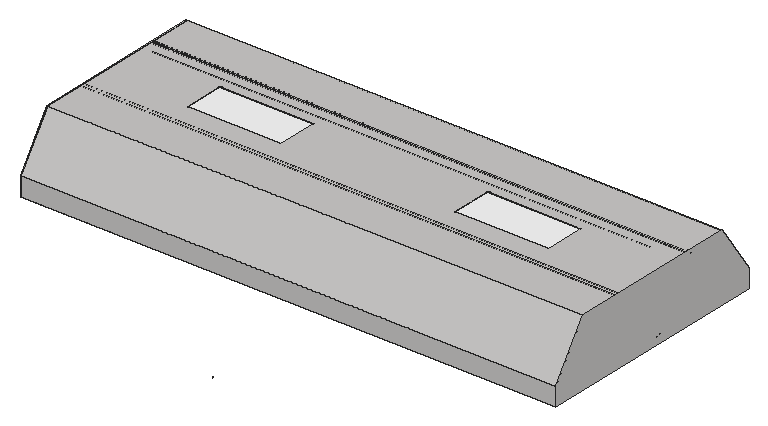
Revit family "QF_ELECTROLUXPROFESSIONAL_642363_BC1840DT", category Specialty Equipment, Revit 2014
Reference planes
  plane 1: z = 0
  plane 2 "Center (Left/Right)": x = 150
  plane 3 "LEFT": x = -1850
  plane 4 "RIGHT": x = 2150
  plane 5 "BACK": y = 550
  plane 6 "TOP": z = 2500
  plane 7 "Base": z = 2000
  plane 8: z = 1946
  plane 9: x = -1847
  plane 10 "DrainX": x = 1999
  plane 11 "AOLeft2": x = -500
  plane 12 "AORight1": x = 800
  plane 13: x = 2147
  plane 14: x = -1650
  plane 15: x = 1950
  plane 16: x = 50
  plane 17: x = 250
  plane 18 "AOLeft1": x = -1200
  plane 19 "AORight2": x = 1500
  plane 20: y = -200
  plane 21: y = -500
  plane 22 "Center (Front/Back)": y = -350
  plane 23: y = -1250
  plane 24: through (0, -401.379, 2046.209) normal (0, 0.8019, 0.5974)
  plane 25: through (0, -298.621, 2046.209) normal (0, 0.8019, -0.5974)
  plane 26: z = 2140
Forms (mm)
  Extrusion 1, solid, material "QF_Finishes_Stainless Steel"
    sketch origin (-1850, 0, 360) x (0, 1, 0) y (0, 0, 1)
      loop
        line (550, 1640) -> (550, 1780) -> (299.446, 2140) -> (-999.446, 2140) -> (-1250, 1780) -> (-1250, 1640) -> (550, 1640)
    from 0 to 3
  Extrusion 2, solid, material "QF_Finishes_Stainless Steel"
    sketch origin (2150, 0, 360) x (0, 1, 0) y (0, 0, 1)
      loop
        line (550, 1640) -> (550, 1780) -> (299.446, 2140) -> (-999.446, 2140) -> (-1250, 1780) -> (-1250, 1640) -> (550, 1640)
    from 0 to -3
  Extrusion 3, solid, material "QF_Finishes_Stainless Steel"
    sketch origin (150, 0, 360) x (0, 1, 0) y (0, 0, 1)
      loop
        line (-999.446, 2140) -> (-1250, 1780) -> (-1250, 1640) -> (-1240, 1640) -> (-1240, 1640.8) -> (-1249.2, 1640.8) -> (-1249.2, 1779.739) -> (-999.025, 2139.19) -> (299.025, 2139.19) -> (549.2, 1779.739) -> (549.2, 1640.8) -> (540, 1640.8) -> (540, 1640) -> (550, 1640) -> (550, 1780) -> (299.446, 2140) -> (-999.446, 2140)
    from -2000 to 2000
  Extrusion 4, void
    sketch origin (0, 0, 2500) x (0, 1, 0) y (-1, 0, 0)
      loop
        line (-200, 500) -> (-200, 1200) -> (-500, 1200) -> (-500, 500) -> (-200, 500)
    from 0 to -10
  Extrusion 5, solid, material "QF_Finishes_Stainless Steel"
    sketch origin (0, 0, 0) x (1, 0, 0) y (0, 1, 0)
      loop
        line (-1850, 550) -> (-1850, 549) -> (-1849, 549) -> (-1849, 550) -> (-1850, 550)
    from 0 to 1
  Extrusion 6, solid, material "QF_Finishes_Stainless Steel"
    sketch origin (150, -400, 360) x (0, 1, 0) y (0, 0, 1)
      loop
        line (-298.883, 2085.553) -> (-1.379, 1686.209) -> (14.66, 1698.157) -> (-282.844, 2097.501) -> (-298.883, 2085.553)
      loop
        line (398.883, 2085.553) -> (382.844, 2097.501) -> (85.34, 1698.157) -> (101.379, 1686.209) -> (398.883, 2085.553)
    from -1800 to -1997
  Extrusion 7, solid, material "QF_Finishes_Stainless Steel"
    sketch origin (150, -400, 360) x (0, 1, 0) y (0, 0, 1)
      loop
        arc (116.056, 1704.554) -> (115.455, 1704.706) -> (114.923, 1704.389) r 0.81
        line (114.923, 1704.389) -> (100.465, 1684.991) -> (83.389, 1687.002) -> (86.391, 1712.615) -> (85.593, 1712.708) -> (82.594, 1687.095)
        arc (82.594, 1687.095) -> (82.763, 1686.499) -> (83.305, 1686.197) r 0.81
        line (83.305, 1686.197) -> (100.372, 1684.196)
        arc (100.372, 1684.196) -> (100.787, 1684.257) -> (101.116, 1684.517) r 0.81
        line (101.116, 1684.517) -> (115.564, 1703.911) -> (126.308, 1695.919) -> (100.145, 1660.79) -> (-0.145, 1660.79) -> (-26.308, 1695.919) -> (-15.564, 1703.911) -> (-1.116, 1684.517)
        arc (-1.116, 1684.517) -> (-0.787, 1684.257) -> (-0.372, 1684.196) r 0.81
        line (-0.372, 1684.196) -> (16.695, 1686.197)
        arc (16.695, 1686.197) -> (17.237, 1686.499) -> (17.406, 1687.095) r 0.81
        line (17.406, 1687.095) -> (14.407, 1712.708) -> (13.609, 1712.615) -> (16.611, 1687.002) -> (-0.465, 1684.991) -> (-14.923, 1704.389)
        arc (-14.923, 1704.389) -> (-15.455, 1704.706) -> (-16.056, 1704.554) r 0.81
        line (-16.056, 1704.554) -> (-26.786, 1696.561)
        arc (-26.786, 1696.561) -> (-27.103, 1696.028) -> (-26.951, 1695.427) r 0.81
        line (-26.951, 1695.427) -> (-0.843, 1660.381)
        arc (-0.843, 1660.381) -> (-0.5, 1660.093) -> (-0.063, 1659.99) r 0.972
        line (-0.063, 1659.99) -> (100.049, 1659.99)
        arc (100.049, 1659.99) -> (100.498, 1660.096) -> (100.851, 1660.393) r 1
        line (100.851, 1660.393) -> (126.951, 1695.427)
        arc (126.951, 1695.427) -> (127.103, 1696.028) -> (126.786, 1696.561) r 0.81
        line (126.786, 1696.561) -> (116.056, 1704.554)
      loop
        line (-292.735, 2139.19) -> (-292.735, 2129.205) -> (-317.587, 2110.686)
        arc (-317.587, 2110.686) -> (-317.904, 2110.153) -> (-317.752, 2109.552) r 0.81
        line (-317.752, 2109.552) -> (-284.894, 2065.446) -> (-295.625, 2057.438) -> (-295.147, 2056.796) -> (-284.418, 2064.79)
        arc (-284.418, 2064.79) -> (-284.1, 2065.322) -> (-284.252, 2065.923) r 0.81
        line (-284.252, 2065.923) -> (-317.117, 2110.038) -> (-291.935, 2128.798) -> (-291.935, 2138.4) -> (-262.776, 2138.4) -> (-262.776, 2070.563) -> (-261.976, 2069.49) -> (-261.976, 2139.19) -> (-292.735, 2139.19)
      loop
        line (392.735, 2139.19) -> (361.976, 2139.19) -> (361.976, 2069.49) -> (362.776, 2070.563) -> (362.776, 2138.4) -> (391.935, 2138.4) -> (391.935, 2128.798) -> (417.117, 2110.038) -> (384.252, 2065.923)
        arc (384.252, 2065.923) -> (384.1, 2065.322) -> (384.418, 2064.79) r 0.81
        line (384.418, 2064.79) -> (395.147, 2056.796) -> (395.625, 2057.438) -> (384.894, 2065.446) -> (417.752, 2109.552)
        arc (417.752, 2109.552) -> (417.904, 2110.153) -> (417.587, 2110.686) r 0.81
        line (417.587, 2110.686) -> (392.735, 2129.205) -> (392.735, 2139.19)
    from -1997 to 1997
  Extrusion 8, solid, material "QF_Finishes_Stainless Steel"
    sketch origin (150, -400, 360) x (0, 1, 0) y (0, 0, 1)
      loop
        line (-298.883, 2085.553) -> (-1.379, 1686.209) -> (14.66, 1698.157) -> (-282.844, 2097.501) -> (-298.883, 2085.553)
      loop
        line (398.883, 2085.553) -> (382.844, 2097.501) -> (85.34, 1698.157) -> (101.379, 1686.209) -> (398.883, 2085.553)
    from 1997 to 1800
  Extrusion 9, solid, material "QF_Finishes_Stainless Steel"
    sketch origin (150, -400, 360) x (0, 1, 0) y (0, 0, 1)
      loop
        line (-298.883, 2085.553) -> (-1.379, 1686.209) -> (14.66, 1698.157) -> (-282.844, 2097.501) -> (-298.883, 2085.553)
      loop
        line (398.883, 2085.553) -> (382.844, 2097.501) -> (85.34, 1698.157) -> (101.379, 1686.209) -> (398.883, 2085.553)
    from -100 to 100
  Extrusion 10, solid, material "QF_Finished_Chrome"
    sketch origin (150, -400, 360) x (0, 1, 0) y (0, 0, 1)
      loop
        line (-298.883, 2085.553) -> (-1.379, 1686.209) -> (14.66, 1698.157) -> (-282.844, 2097.501) -> (-298.883, 2085.553)
      loop
        line (398.883, 2085.553) -> (382.844, 2097.501) -> (85.34, 1698.157) -> (101.379, 1686.209) -> (398.883, 2085.553)
    from -1800 to -100
  Extrusion 11, solid, material "QF_Finished_Chrome"
    sketch origin (150, -400, 360) x (0, 1, 0) y (0, 0, 1)
      loop
        line (-298.883, 2085.553) -> (-1.379, 1686.209) -> (14.66, 1698.157) -> (-282.844, 2097.501) -> (-298.883, 2085.553)
      loop
        line (398.883, 2085.553) -> (382.844, 2097.501) -> (85.34, 1698.157) -> (101.379, 1686.209) -> (398.883, 2085.553)
    from 100 to 1800
  Sweep 12, solid, material "QF_Finishes_Stainless Steel"
    path origin (0, 0, 0) x (1, 0, 0) y (0, 1, 0)
      loop
        line (2150, 550) -> (-1850, 550) -> (-1850, -1250) -> (2150, -1250) -> (2150, 550)
    profile origin (2150, -350, 0) x (1, 0, 0) y (0, 0, 1)
      loop
        line (-3, 2000) -> (-3, 2000.8) -> (-19, 2000.8) -> (-19, 2010) -> (-20, 2010) -> (-20, 2000) -> (-3, 2000)
  Extrusion 13, void
    sketch origin (0, 0, 2500) x (0, 1, 0) y (-1, 0, 0)
      loop
        line (-200, -1500) -> (-200, -800) -> (-500, -800) -> (-500, -1500) -> (-200, -1500)
    from 0 to -10
  Extrusion 14, solid, material "QF_Finishes_Stainless Steel"
    sketch origin (1999, 0, 0) x (0, 1, 0) y (0, 0, 1)
      loop
        arc (-318.5, 1946) -> (-311.429, 1948.929) -> (-308.5, 1956) r 10
        line (-308.5, 1956) -> (-308.5, 2000.8) -> (-391.5, 2000.8) -> (-391.5, 1956)
        arc (-391.5, 1956) -> (-388.571, 1948.929) -> (-381.5, 1946) r 10
        line (-381.5, 1946) -> (-318.5, 1946)
    from -90 to 90
  Extrusion 15, solid, material "QF_Finishes_Stainless Steel"
    sketch origin (0, -1100, 2000) x (0, 1, 0) y (-1, 0, 0)
      loop
        circle (750, -1999) r 6.35
    from -3.799 to 0
Cuts and joins
  Extrusion 4, Extrusion 13 cuts Extrusion 3
  joined: Extrusion 2, Extrusion 3, Sweep 12
Lines and regions (mm)
  symbolic lines, style "SpecialityEquipment", detail levels coarse
    curve 1: line (2150, 550, 2500) -> (-1850, 550, 2500)
    curve 2: line (-1850, 550, 2500) -> (-1850, -1250.8, 2500)
    curve 3: line (2150, -1250.8, 2500) -> (2150, 550, 2500)
    curve 4: line (-1850, 299.446, 0) -> (2150, -999.446, 0)
    curve 5: line (2150, 299.446, 0) -> (-1850.605, -999.446, 0)
  symbolic lines, detail levels coarse
    curve 6: line (-1200, -500, 0) -> (-500, -500, 0)
    curve 7: line (-1200, -200, 0) -> (-1200, -500, 0)
    curve 8: line (-500, -200, 0) -> (-1200, -200, 0)
    curve 9: line (-500, -500, 0) -> (-500, -200, 0)
    curve 10: line (800, -200, 0) -> (800, -500, 0)
    curve 11: line (1500, -200, 0) -> (800, -200, 0)
    curve 12: line (1500, -500, 0) -> (1500, -200, 0)
    curve 13: line (800, -500, 0) -> (1500, -500, 0)
    curve 14: line (-1850.605, -999.446, 0) -> (2150, -999.446, 0)
    curve 15: line (2150, 299.446, 0) -> (-1850, 299.446, 0)
    curve 16: line (-1850, -1250.8, 0) -> (2150, -1250.8, 0)
Dimensions and locks
  plane 3 "LEFT" to plane 4 "RIGHT" = 4000 mm
  equal spacing: plane 3 "LEFT", plane 2 "Center (Left/Right)", plane 4 "RIGHT"
  plane 3 "LEFT" to plane 9 = 3 mm
  plane 10 "DrainX" to plane 4 "RIGHT" = 151 mm
  plane 13 to plane 4 "RIGHT" = 3 mm
  plane 3 "LEFT" to plane 14 = 200 mm
  plane 15 to plane 4 "RIGHT" = 200 mm
  locked: plane 11 "AOLeft2" to plane 12 "AORight1" at 1300
  equal spacing: plane 11 "AOLeft2", plane 2 "Center (Left/Right)", plane 12 "AORight1"
  locked: plane 7 "Base" to level at 2000
  locked: plane 16 to plane 17 at 200
  equal spacing: plane 16, plane 2 "Center (Left/Right)", plane 17
  plane 18 "AOLeft1" to plane 11 "AOLeft2" = 700 mm
  plane 12 "AORight1" to plane 19 "AORight2" = 700 mm
  plane 7 "Base" to plane 8 = 54 mm
  locked: plane 6 "TOP" to plane 7 "Base" at 500
  plane 5 "BACK" to plane 23 = 1800 mm  (x2)
  equal spacing: plane 5 "BACK", plane 22 "Center (Front/Back)", plane 23
  plane 21 to plane 20 = 300 mm
  equal spacing: plane 21, plane 22 "Center (Front/Back)", plane 20
  plane 26 to plane 7 "Base" = 140 mm
  aligned and locked: level to plane 1
  aligned and locked: plane 4 "RIGHT" to Extrusion 3
  aligned and locked: Extrusion 3 to plane 3 "LEFT"
  aligned and locked: Extrusion 6 to plane 9
  aligned and locked: plane 14 to Extrusion 6
  aligned and locked: Extrusion 2 to plane 13
  aligned and locked: plane 13 to Extrusion 8
  aligned and locked: Extrusion 8 to plane 15
  aligned and locked: plane 17 to Extrusion 9
  aligned and locked: Extrusion 9 to plane 16
  aligned and locked: plane 16 to Extrusion 10
  aligned and locked: Extrusion 10 to plane 14
  aligned and locked: Extrusion 11 to plane 17
  aligned and locked: Extrusion 11 to plane 15
  aligned and locked: Extrusion 7 to plane 9
  aligned and locked: plane 13 to Extrusion 7
  aligned and locked: Extrusion 4 to plane 18 "AOLeft1"
  aligned and locked: Extrusion 4 to plane 11 "AOLeft2"
  aligned and locked: plane 12 "AORight1" to Extrusion 13
  aligned and locked: plane 19 "AORight2" to Extrusion 13
  aligned and locked: plane 21 to Extrusion 13
  aligned and locked: plane 21 to Extrusion 4
  aligned and locked: plane 20 to Extrusion 13
  aligned and locked: plane 20 to Extrusion 4
  aligned and locked: curve 6 to Extrusion 4
  aligned and locked: curve 7 to Extrusion 4
  aligned and locked: curve 8 to Extrusion 4
  aligned and locked: curve 9 to Extrusion 4
  aligned and locked: curve 10 to Extrusion 13
  aligned and locked: curve 11 to Extrusion 13
  aligned and locked: curve 12 to Extrusion 13
  aligned and locked: curve 13 to Extrusion 13
Automatic sketch dimensions
  curve 2 to plane 3 "LEFT" = 0 mm
  curve 3 to plane 4 "RIGHT" = 0 mm
  curve 2 to plane 5 "BACK" = 0 mm
  Extrusion 4 sketch curve to plane 11 "AOLeft2" = 0 mm
  Extrusion 4 sketch curve to plane 18 "AOLeft1" = 0 mm
  Extrusion 5 sketch curve to plane 3 "LEFT" = 0 mm
  Extrusion 5 sketch curve to plane 5 "BACK" = 0 mm
  plane 3 "LEFT" to Extrusion 5 sketch curve = 1 mm
  Extrusion 5 sketch curve to Extrusion 5 sketch curve = 1 mm
  Sweep 12 sketch curve to plane 3 "LEFT" = 0 mm
  Sweep 12 sketch curve to plane 4 "RIGHT" = 0 mm
  Sweep 12 sketch curve to plane 5 "BACK" = 0 mm
  profile plane to Sweep 12 sketch curve = 20 mm
  Sweep 12 sketch curve to Sweep 12 sketch curve = 1 mm
  profile plane to Sweep 12 sketch curve = 3 mm
  level to Sweep 12 sketch curve = 2000 mm
  Sweep 12 sketch curve to Sweep 12 sketch curve = 0.8 mm
  Sweep 12 sketch curve to Sweep 12 sketch curve = 9.2 mm
  Extrusion 13 sketch curve to plane 11 "AOLeft2" = 2000 mm
  plane 18 "AOLeft1" to Extrusion 13 sketch curve = 2000 mm
  Extrusion 13 sketch curve to Extrusion 13 sketch curve = 300 mm
  Extrusion 13 sketch curve to plane 20 = 0 mm
  plane 21 to curve 3 = 750.8 mm
  plane 21 to curve 2 = 750.8 mm
  plane 21 to Sweep 12 sketch curve = 750 mm
  plane 21 to Extrusion 4 sketch curve = 0 mm
  Extrusion 4 sketch curve to plane 20 = 0 mm
  Extrusion 15 sketch curve to plane 10 "DrainX" = 0 mm
  Extrusion 15 sketch curve to plane 22 "Center (Front/Back)" = 0 mm
  Extrusion 14 sketch curve to plane 8 = 0 mm
  plane 8 to Extrusion 14 sketch curve = 10 mm
  Extrusion 14 sketch curve to plane 22 "Center (Front/Back)" = 41.5 mm
  plane 22 "Center (Front/Back)" to Extrusion 14 sketch curve = 31.5 mm
  plane 7 "Base" to Extrusion 14 sketch curve = 0.8 mm
  plane 22 "Center (Front/Back)" to Extrusion 14 sketch curve = 41.5 mm
  plane 21 to Extrusion 6 sketch curve = 198.883 mm
  Extrusion 6 sketch curve to plane 6 "TOP" = 42.499 mm  (x2)
  Extrusion 6 sketch curve to Extrusion 6 sketch curve = 16.039 mm  (x2)
  Extrusion 6 sketch curve to plane 22 "Center (Front/Back)" = 51.379 mm
  plane 22 "Center (Front/Back)" to Extrusion 6 sketch curve = 35.34 mm
  plane 20 to Extrusion 6 sketch curve = 182.844 mm
  Extrusion 6 sketch curve to Extrusion 6 sketch curve = 11.948 mm  (x2)
  Extrusion 7 sketch curve to plane 6 "TOP" = 30.448 mm  (x2)
  plane 21 to Extrusion 7 sketch curve = 217.752 mm
  Extrusion 7 sketch curve to plane 6 "TOP" = 29.314 mm  (x2)
  Extrusion 7 sketch curve to Extrusion 7 sketch curve = 0.166 mm  (x3)
  Extrusion 7 sketch curve to plane 6 "TOP" = 29.962 mm  (x2)
  Extrusion 7 sketch curve to Extrusion 7 sketch curve = 0.47 mm  (x2)
  Extrusion 7 sketch curve to Extrusion 7 sketch curve = 0.014 mm  (x2)
  Extrusion 7 sketch curve to plane 6 "TOP" = 82.562 mm  (x2)
  Extrusion 7 sketch curve to Extrusion 7 sketch curve = 22.127 mm
  Extrusion 7 sketch curve to plane 6 "TOP" = 83.204 mm  (x2)
  Extrusion 7 sketch curve to Extrusion 7 sketch curve = 0.478 mm  (x5)
  Extrusion 7 sketch curve to plane 6 "TOP" = 0.81 mm  (x2)
  Extrusion 7 sketch curve to Extrusion 7 sketch curve = 24.852 mm
  Extrusion 7 sketch curve to Extrusion 7 sketch curve = 0.8 mm  (x5)
  Extrusion 7 sketch curve to Extrusion 7 sketch curve = 10.724 mm
  Extrusion 7 sketch curve to plane 6 "TOP" = 74.554 mm  (x2)
  Extrusion 7 sketch curve to Extrusion 7 sketch curve = 0.008 mm  (x6)
  Extrusion 7 sketch curve to plane 6 "TOP" = 75.21 mm  (x2)
  Extrusion 7 sketch curve to plane 6 "TOP" = 74.077 mm  (x2)
  Extrusion 7 sketch curve to Extrusion 7 sketch curve = 0.642 mm  (x2)
  Extrusion 7 sketch curve to plane 6 "TOP" = 69.437 mm  (x2)
  Extrusion 7 sketch curve to Extrusion 7 sketch curve = 21.476 mm  (x2)
  Extrusion 7 sketch curve to plane 21 = 73.049 mm
  Extrusion 7 sketch curve to Extrusion 7 sketch curve = 0.006 mm  (x4)
  Extrusion 7 sketch curve to Extrusion 7 sketch curve = 10.73 mm  (x3)
  Extrusion 7 sketch curve to Extrusion 7 sketch curve = 0.484 mm  (x4)
  Extrusion 7 sketch curve to Extrusion 7 sketch curve = 0.641 mm  (x2)
  Extrusion 7 sketch curve to Extrusion 7 sketch curve = 14.448 mm
  plane 7 "Base" to Extrusion 7 sketch curve = 20.381 mm
  Extrusion 7 sketch curve to Extrusion 7 sketch curve = 0.273 mm
  Extrusion 7 sketch curve to Extrusion 7 sketch curve = 0.65 mm  (x2)
  Extrusion 7 sketch curve to Extrusion 7 sketch curve = 0.001 mm  (x4)
  Extrusion 7 sketch curve to Extrusion 7 sketch curve = 0.093 mm  (x2)
  plane 7 "Base" to Extrusion 7 sketch curve = 20.79 mm
  Extrusion 7 sketch curve to Extrusion 7 sketch curve = 0.698 mm
  Extrusion 7 sketch curve to Extrusion 7 sketch curve = 0.081 mm
  Extrusion 7 sketch curve to Extrusion 7 sketch curve = 28.531 mm
  Extrusion 7 sketch curve to Extrusion 7 sketch curve = 0.799 mm  (x2)
  Extrusion 7 sketch curve to Extrusion 7 sketch curve = 17.067 mm  (x2)
  Extrusion 7 sketch curve to Extrusion 7 sketch curve = 0.01 mm  (x4)
  Extrusion 7 sketch curve to Extrusion 7 sketch curve = 0.094 mm
  Extrusion 7 sketch curve to Extrusion 7 sketch curve = 0.795 mm  (x2)
  plane 22 "Center (Front/Back)" to Extrusion 7 sketch curve = 32.594 mm
  Extrusion 7 sketch curve to Extrusion 7 sketch curve = 0.71 mm
  Extrusion 7 sketch curve to Extrusion 7 sketch curve = 2.998 mm
  Extrusion 7 sketch curve to Extrusion 7 sketch curve = 16.745 mm
  Extrusion 7 sketch curve to Extrusion 7 sketch curve = 0.095 mm
  plane 7 "Base" to Extrusion 7 sketch curve = 20.393 mm
  Extrusion 7 sketch curve to Extrusion 7 sketch curve = 0.707 mm
  Extrusion 7 sketch curve to Extrusion 7 sketch curve = 0.651 mm
  Extrusion 7 sketch curve to Extrusion 7 sketch curve = 14.456 mm
  Extrusion 7 sketch curve to plane 6 "TOP" = 70.51 mm  (x2)
  plane 20 to Extrusion 7 sketch curve = 161.976 mm
  Extrusion 7 sketch curve to plane 6 "TOP" = 1.6 mm
  Extrusion 7 sketch curve to Extrusion 7 sketch curve = 29.159 mm
  Extrusion 7 sketch curve to Extrusion 7 sketch curve = 24.368 mm
  Extrusion 7 sketch curve to Extrusion 7 sketch curve = 0.636 mm
  Extrusion 7 sketch curve to Extrusion 7 sketch curve = 23.206 mm
  Extrusion 7 sketch curve to Extrusion 7 sketch curve = 23.234 mm
  Extrusion 7 sketch curve to Extrusion 7 sketch curve = 0.321 mm  (x2)
  Extrusion 7 sketch curve to Extrusion 7 sketch curve = 2.001 mm  (x2)
  Extrusion 7 sketch curve to Extrusion 7 sketch curve = 0.804 mm  (x2)
  Extrusion 7 sketch curve to Extrusion 7 sketch curve = 10.911 mm  (x2)
  Extrusion 7 sketch curve to Extrusion 7 sketch curve = 7.993 mm  (x2)
  Extrusion 7 sketch curve to Extrusion 7 sketch curve = 25.613 mm  (x2)
  Extrusion 7 sketch curve to Extrusion 7 sketch curve = 0.407 mm  (x2)
  Extrusion 7 sketch curve to Extrusion 7 sketch curve = 0.79 mm
  Extrusion 3 sketch curve to plane 7 "Base" = 0 mm  (x2)
  Extrusion 3 sketch curve to plane 23 = 0 mm
  Extrusion 3 sketch curve to plane 5 "BACK" = 0 mm
  plane 23 to Extrusion 3 sketch curve = 0.8 mm
  plane 7 "Base" to Extrusion 3 sketch curve = 0.8 mm  (x2)
  Extrusion 3 sketch curve to Extrusion 3 sketch curve = 9.2 mm
  plane 23 to Extrusion 3 sketch curve = 250.554 mm
  Extrusion 3 sketch curve to Extrusion 3 sketch curve = 0.421 mm  (x2)
  Extrusion 3 sketch curve to plane 6 "TOP" = 0.81 mm
  Extrusion 3 sketch curve to plane 5 "BACK" = 250.975 mm
  Extrusion 3 sketch curve to plane 5 "BACK" = 10 mm
  Extrusion 3 sketch curve to plane 5 "BACK" = 0.8 mm
  Extrusion 3 sketch curve to Extrusion 3 sketch curve = 138.939 mm  (x2)
  Extrusion 3 sketch curve to Extrusion 3 sketch curve = 0.261 mm  (x2)
  Extrusion 3 sketch curve to plane 6 "TOP" = 0 mm
  Extrusion 1 sketch curve to plane 7 "Base" = 0 mm
  Extrusion 1 sketch curve to plane 23 = 0 mm
  Extrusion 1 sketch curve to plane 6 "TOP" = 0 mm
  Extrusion 1 sketch curve to plane 5 "BACK" = 0 mm
  Extrusion 1 sketch curve to plane 5 "BACK" = 250.554 mm
  plane 7 "Base" to Extrusion 1 sketch curve = 140 mm
  Extrusion 1 sketch curve to Extrusion 1 sketch curve = 140 mm
  plane 23 to Extrusion 1 sketch curve = 250.554 mm
  plane 21 to Extrusion 10 sketch curve = 198.883 mm
  Extrusion 10 sketch curve to plane 6 "TOP" = 42.499 mm  (x2)
  Extrusion 10 sketch curve to Extrusion 10 sketch curve = 16.039 mm  (x2)
  Extrusion 10 sketch curve to plane 22 "Center (Front/Back)" = 51.379 mm
  plane 22 "Center (Front/Back)" to Extrusion 10 sketch curve = 35.34 mm
  plane 20 to Extrusion 10 sketch curve = 182.844 mm
  Extrusion 10 sketch curve to Extrusion 10 sketch curve = 11.948 mm  (x2)
  plane 21 to Extrusion 9 sketch curve = 198.883 mm
  Extrusion 9 sketch curve to plane 6 "TOP" = 42.499 mm  (x2)
  Extrusion 9 sketch curve to Extrusion 9 sketch curve = 16.039 mm  (x2)
  Extrusion 9 sketch curve to plane 22 "Center (Front/Back)" = 51.379 mm
  plane 22 "Center (Front/Back)" to Extrusion 9 sketch curve = 35.34 mm
  plane 20 to Extrusion 9 sketch curve = 182.844 mm
  Extrusion 9 sketch curve to Extrusion 9 sketch curve = 11.948 mm  (x2)
  plane 21 to Extrusion 11 sketch curve = 198.883 mm
  Extrusion 11 sketch curve to plane 6 "TOP" = 42.499 mm  (x2)
  Extrusion 11 sketch curve to Extrusion 11 sketch curve = 16.039 mm  (x2)
  Extrusion 11 sketch curve to plane 22 "Center (Front/Back)" = 51.379 mm
  plane 22 "Center (Front/Back)" to Extrusion 11 sketch curve = 35.34 mm
  plane 20 to Extrusion 11 sketch curve = 182.844 mm
  Extrusion 11 sketch curve to Extrusion 11 sketch curve = 11.948 mm  (x2)
  plane 21 to Extrusion 8 sketch curve = 198.883 mm
  Extrusion 8 sketch curve to plane 6 "TOP" = 42.499 mm  (x2)
  Extrusion 8 sketch curve to Extrusion 8 sketch curve = 16.039 mm  (x2)
  Extrusion 8 sketch curve to plane 22 "Center (Front/Back)" = 51.379 mm
  plane 22 "Center (Front/Back)" to Extrusion 8 sketch curve = 35.34 mm
  plane 20 to Extrusion 8 sketch curve = 182.844 mm
  Extrusion 8 sketch curve to Extrusion 8 sketch curve = 11.948 mm  (x2)
  Extrusion 2 sketch curve to plane 7 "Base" = 0 mm
  Extrusion 2 sketch curve to plane 23 = 0 mm
  Extrusion 2 sketch curve to plane 6 "TOP" = 0 mm
  Extrusion 2 sketch curve to plane 5 "BACK" = 0 mm
  Extrusion 2 sketch curve to plane 26 = 0 mm  (x2)
  Extrusion 2 sketch curve to plane 5 "BACK" = 250.554 mm
  plane 23 to Extrusion 2 sketch curve = 250.554 mm
  curve 15 to plane 3 "LEFT" = 0 mm
  curve 16 to plane 3 "LEFT" = 0 mm
  curve 14 to plane 4 "RIGHT" = 0 mm
  curve 15 to plane 4 "RIGHT" = 0 mm
  curve 16 to plane 4 "RIGHT" = 0 mm
  curve 14 to plane 3 "LEFT" = 0.605 mm
  plane 23 to curve 14 = 250.554 mm
  curve 15 to plane 5 "BACK" = 250.554 mm
  curve 16 to plane 23 = 0.8 mm
  radius of Extrusion 15 sketch curve = 6.35 mm
Connectors
  hvac at (-850, -350, 2500)
    settings: on Extrusion 4, index 2, duct flow 0.0 L/s, flow factor 0, pres drop 0.0 Pa, loss coef 0, conn angle 0.00°, conn width 300 mm, conn height 700 mm, conn diameter 609.6 mm, duct sys type 3, conn prof type 1, flow config 1, flow direction 2, loss method 0, conn ref index -1, conn util no, is conn primary yes, conn desc "EXHAUST OUTLET"
  hvac at (1150, -350, 2500)
    settings: on Extrusion 13, index 3, duct flow 0.0 L/s, flow factor 0, pres drop 0.0 Pa, loss coef 0, conn angle 0.00°, conn width 300 mm, conn height 700 mm, conn diameter 609.6 mm, duct sys type 3, conn prof type 1, flow config 1, flow direction 2, loss method 0, conn ref index -1, conn util no, is conn primary no, conn desc "EXHAUST OUTLET"
  piping at (1999, -350, 1996.201), diameter 12.7
    settings: on Extrusion 15, index 4, connector inside diameter 609.6 mm, connector length 0 mm, flow factor 0, pipe flow 0.0 L/s, pressure drop 0.0 Pa, fitting loss kfactor 0, connector angle 0.00°, fixture units 0, engagement length 0 mm, angle of deflection 0.00°, flow configuration 1, flow direction 2, fitting loss method 0, system type 16, joint type 0, gender type 0, connector reference index -1, connector utility 0, adjustable connector no, is connector primary yes, connector description "Drain"
